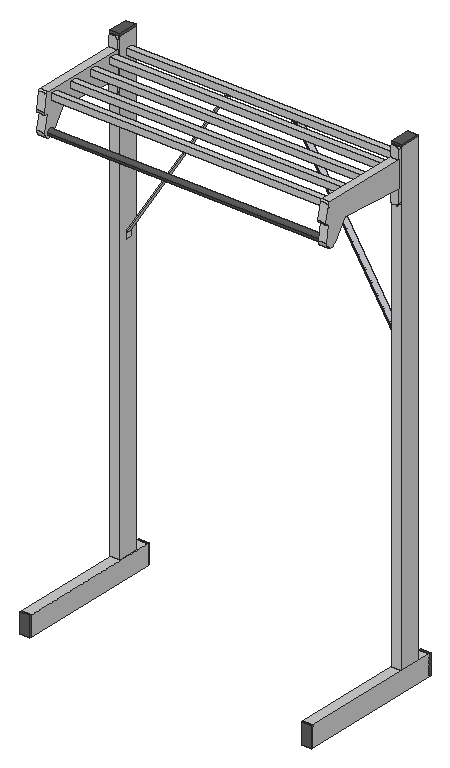
Revit family "Magnuson-DS-Coat_Rack-", category Furniture, Revit 2014
Parameters (values of type "3D-DSF-3H")
  Hanger Rod = MG - Black Plastic
  Cap = MG - Black Plastic
  Frame = MG - Steel, Wrought
  Width = 36"
  URL = "www.magnusongroup.com"
  Type Comments = "DS"  # constant formula
  Shelf = MG - Steel, Wrought
  Salvage or Reuse = yes
  Percentage of Recycled Content = 0
  Model = "3D-DSF-3H"
  Material = ""
  Manufacturer = "MAGNUSON"  # constant formula
  Low Emitting Material = yes
  Low Emitting Finish = yes
  Keynote = "12500"
  Height = 61"
  Description = "36W Steel Floor Rack With Hanger Rod"
  Depth = 18 3/8"
  Assembly Code = "E2020200"
Types (4): name | Width | Description
  (no name) | 36" | "36W Steel Floor Rack With Hanger Rod"
  3D-DSF-3H | 36" | "36W Steel Floor Rack With Hanger Rod"
  3D-DSF-4H | 48" | "48W Steel Floor Rack With Hanger Rod"
  3D-DSF-5H | 60" | "60W Steel Floor Rack With Hanger Rod"
Reference planes (in)
  plane 1 "Center Front/Back": y = 0
  plane 2: z = 0
  plane 3 "Center Left/Right": x = 0
  plane 4: z = 0.32228
  plane 5: x = 18
  plane 6: x = -18
  plane 7: x = -16.75
  plane 8: x = -16.87389
  plane 9: x = -17.87389
  plane 10: x = 16.76511
  plane 11: x = 16.889
  plane 12: x = 17.889
  plane 13: z = 61
  plane 14: z = 59.11383
  plane 15: z = 56.17261
  plane 16: y = 9.1875
  plane 17: y = 8.9375
  plane 18: y = 7.1875
  plane 19: y = 4.6875
  plane 20: y = -8.9375
  plane 21: y = -9.1875
  plane 22: z = 60.75
  plane 23: z = 2.82228
Forms (in)
  Extrusion 1, solid, material "MG - Steel, Wrought" <- "Frame"
    sketch origin (0, 0, 0) x (1, 0, 0) y (0, 1, 0)
      loop
        line (-16.75, 8.9375) -> (-18, 8.9375) -> (-18, -8.9375) -> (-16.75, -8.9375) -> (-16.75, 8.9375)
      loop
        line (16.76511, 8.9375) -> (16.76511, -8.9375) -> (18.01511, -8.9375) -> (18.01511, 8.9375) -> (16.76511, 8.9375)
    from 0.32228 to 2.82228
  Extrusion 2, solid, material "MG - Steel, Wrought" <- "Frame"
    sketch origin (0, 0, 0) x (1, 0, 0) y (0, 0, 1)
      loop
        line (-18, 60.75) -> (-18, 2.82228) -> (-16.75, 2.82228) -> (-16.75, 60.75) -> (-18, 60.75)
      loop
        line (18, 60.75) -> (16.76511, 60.75) -> (16.76511, 2.82228) -> (18, 2.82228) -> (18, 60.75)
    from -7.1875 to -4.6875
  Extrusion 3, solid, material "MG - Steel, Wrought" <- "Shelf"
    sketch origin (0, 0, 0) x (0, 1, 0) y (0, 0, 1)
      loop
        line (4.4375, 59.36854) -> (-6.20797, 59.36854)
        arc (-6.20797, 59.36854) -> (-6.33556, 59.32252) -> (-6.4044, 59.20565) r 0.19989
        line (-6.4044, 59.20565) -> (-6.77119, 57.25854)
        arc (-6.77119, 57.25854) -> (-6.7334, 57.09986) -> (-6.59001, 57.0221) r 0.2
        line (-6.59001, 57.0221) -> (-6.3057, 57.0002) -> (-6.68732, 54.97428)
        arc (-6.68732, 54.97428) -> (-6.25871, 54.30095) -> (-5.5006, 54.55062) r 0.65004
        line (-5.5006, 54.55062) -> (-3.97534, 56.82069) -> (4.4375, 56.17261) -> (4.4375, 59.36854)
    from -17.87389 to -16.87389
  Extrusion 4, solid, material "MG - Steel, Wrought" <- "Shelf"
    sketch origin (0, 0, 0) x (0, 1, 0) y (0, 0, -1)
      loop
        line (4.4375, -59.36854) -> (4.4375, -56.17261) -> (-3.97534, -56.82069) -> (-5.5006, -54.55062)
        arc (-5.5006, -54.55062) -> (-6.25871, -54.30095) -> (-6.68732, -54.97428) r 0.65004
        line (-6.68732, -54.97428) -> (-6.3057, -57.0002) -> (-6.59001, -57.0221)
        arc (-6.59001, -57.0221) -> (-6.7334, -57.09986) -> (-6.77119, -57.25854) r 0.2
        line (-6.77119, -57.25854) -> (-6.4044, -59.20565)
        arc (-6.4044, -59.20565) -> (-6.33556, -59.32252) -> (-6.20797, -59.36854) r 0.19989
        line (-6.20797, -59.36854) -> (4.4375, -59.36854)
    from -17.889 to -16.889
  Extrusion 5, solid, material "MG - Steel, Wrought" <- "Frame"
    sketch origin (0, 0, 0) x (0, 1, 0) y (0, 0, 1)
      loop
        line (3.99055, 59.11383) -> (3.17257, 59.11383) -> (3.17257, 58.36383) -> (3.99055, 58.36383) -> (3.99055, 59.11383)
      loop
        line (0.90555, 59.11383) -> (0.15555, 59.11383) -> (0.15555, 58.36383) -> (0.90555, 58.36383) -> (0.90555, 59.11383)
      loop
        line (-2.11147, 59.11383) -> (-2.86147, 59.11383) -> (-2.86147, 58.36383) -> (-2.11147, 58.36383) -> (-2.11147, 59.11383)
      loop
        line (-5.12849, 59.11383) -> (-5.87849, 59.11383) -> (-5.87849, 58.36383) -> (-5.12849, 58.36383) -> (-5.12849, 59.11383)
    from -16.87389 to 16.889
  Extrusion 6, solid
    sketch origin (0, 0, 0) x (1, 0, 0) y (0, 0, 1)
      loop
        line (-3.80341, 58.36383) -> (-4.4035, 58.36383) -> (-16.75, 38.77327) -> (-16.75, 38.0106) -> (-16.65, 38.0106) -> (-16.65, 38.66928) -> (-4.30098, 58.26383) -> (-3.80341, 58.26383) -> (-3.80341, 58.36383)
      loop
        line (3.81852, 58.36383) -> (3.81852, 58.26383) -> (4.31609, 58.26383) -> (16.66511, 38.66928) -> (16.66511, 38.0106) -> (16.76511, 38.0106) -> (16.76511, 38.77327) -> (4.41861, 58.36383) -> (3.81852, 58.36383)
    from -6.30352 to -5.55352
  Extrusion 7, solid, material "MG - Black Plastic" <- "Cap"
    sketch origin (0, 0, 73) x (1, 0, 0) y (0, 0, 1)
      loop
        line (-18, -12) -> (-18, -12.25) -> (-16.75, -12.25) -> (-16.75, -12) -> (-18, -12)
      loop
        line (18, -12) -> (16.76511, -12) -> (16.76511, -12.25) -> (18, -12.25) -> (18, -12)
    from -7.1875 to -4.6875
  Extrusion 8, solid, material "MG - Steel, Wrought" <- "Frame"
    sketch origin (0, 0, 0) x (1, 0, 0) y (0, 0, 1)
      loop
        line (-17.87389, 60.45435) -> (-17.87389, 54.55067)
        arc (-17.87389, 54.55067) -> (-17.78646, 54.33872) -> (-17.57503, 54.25006) r 0.30061
        line (-17.57503, 54.25006) -> (-17.17503, 54.25006)
        arc (-17.17503, 54.25006) -> (-16.96228, 54.33807) -> (-16.87389, 54.55067) r 0.30114
        line (-16.87389, 54.55067) -> (-16.87389, 60.45435)
        arc (-16.87389, 60.45435) -> (-16.96382, 60.66371) -> (-17.17471, 60.75) r 0.30087
        line (-17.17471, 60.75) -> (-17.57535, 60.75)
        arc (-17.57535, 60.75) -> (-17.78543, 60.66358) -> (-17.87389, 60.45435) r 0.29855
      loop
        arc (17.889, 60.45435) -> (17.80054, 60.66358) -> (17.59046, 60.75) r 0.29855
        line (17.59046, 60.75) -> (17.18982, 60.75)
        arc (17.18982, 60.75) -> (16.97893, 60.66371) -> (16.889, 60.45435) r 0.30087
        line (16.889, 60.45435) -> (16.889, 54.55067)
        arc (16.889, 54.55067) -> (16.97739, 54.33807) -> (17.19014, 54.25006) r 0.30114
        line (17.19014, 54.25006) -> (17.59014, 54.25006)
        arc (17.59014, 54.25006) -> (17.80157, 54.33872) -> (17.889, 54.55067) r 0.30061
        line (17.889, 54.55067) -> (17.889, 60.45435)
    from -4.6875 to -4.4375
  Extrusion 9, solid, material "MG - Steel, Wrought" <- "Frame"
    sketch origin (0, 14.5, 0) x (0, 1, 0) y (0, 0, 1)
      loop
        line (-8.19648, 59.11383) -> (-8.94648, 59.11383) -> (-8.94648, 58.36383) -> (-8.19648, 58.36383) -> (-8.19648, 59.11383)
    from -16.75 to 16.76511
  Extrusion 10, solid, material "MG - Black Plastic" <- "Cap"
    sketch origin (0, 22, 0) x (1, 0, 0) y (0, 1, 0)
      loop
        line (-16.75, -12.8125) -> (-18, -12.8125) -> (-18, -13.0625) -> (-16.75, -13.0625) -> (-16.75, -12.8125)
      loop
        line (16.76511, -12.8125) -> (16.76511, -13.0625) -> (18.01511, -13.0625) -> (18.01511, -12.8125) -> (16.76511, -12.8125)
    from 0.32228 to 2.82228
  Extrusion 11, solid, material "MG - Black Plastic" <- "Cap"
    sketch origin (0, -22, 0) x (1, 0, 0) y (0, 1, 0)
      loop
        line (-16.75, 12.8125) -> (-16.75, 13.0625) -> (-18, 13.0625) -> (-18, 12.8125) -> (-16.75, 12.8125)
      loop
        line (16.76511, 12.8125) -> (18.01511, 12.8125) -> (18.01511, 13.0625) -> (16.76511, 13.0625) -> (16.76511, 12.8125)
    from 0.32228 to 2.82228
  Extrusion 12, solid, material "MG - Black Plastic" <- "Hanger Rod"
    sketch origin (0, 0, 0) x (0, 1, 0) y (0, 0, 1)
      loop
        circle (-6.04016, 54.91315) r 0.39489
    from -16.87389 to 16.889
Lines and regions (in)
  symbolic lines
    curve 1: line (-18, 9.1875, 0) -> (-16.75, 9.1875, 0)
    curve 2: line (-18, -9.1875, 0) -> (-18, 9.1875, 0)
    curve 3: line (-16.75, -9.1875, 0) -> (-18, -9.1875, 0)
    curve 4: line (-16.75, 9.1875, 0) -> (-16.75, -9.1875, 0)
    curve 5: line (16.76511, 9.1875, 0) -> (18, 9.1875, 0)
    curve 6: line (16.76511, -9.1875, 0) -> (16.76511, 9.1875, 0)
    curve 7: line (18, -9.1875, 0) -> (16.76511, -9.1875, 0)
    curve 8: line (18, 9.1875, 0) -> (18, -9.1875, 0)
    curve 9: line (16.76511, 6.30352, 0) -> (-16.75, 6.30352, 0)
    curve 10: line (-16.75, 5.55352, 0) -> (16.76511, 5.55352, 0)
    curve 17: line (16.889, -5.12849, 0) -> (-16.87389, -5.12849, 0)
    curve 18: line (-16.87389, -5.87849, 0) -> (16.889, -5.87849, 0)
    curve 19: line (-18, 7.1875, 0) -> (-16.75, 7.1875, 0)
    curve 20: line (-18, 4.6875, 0) -> (-16.75, 4.6875, 0)
    curve 21: line (18, 7.1875, 0) -> (16.76511, 7.1875, 0)
    curve 22: line (18, 4.6875, 0) -> (16.76511, 4.6875, 0)
  symbolic lines, detail levels medium+fine
    curve 11: line (16.889, 3.99055, 0) -> (-16.87389, 3.99055, 0)
    curve 12: line (-16.87389, 3.17257, 0) -> (16.889, 3.17257, 0)
    curve 13: line (16.889, 0.90555, 0) -> (-16.87389, 0.90555, 0)
    curve 14: line (-16.87389, 0.15555, 0) -> (16.889, 0.15555, 0)
    curve 15: line (16.889, -2.11147, 0) -> (-16.87389, -2.11147, 0)
    curve 16: line (-16.87389, -2.86147, 0) -> (16.889, -2.86147, 0)
Dimensions and locks (in)
  "Width": plane 6 to plane 5
  Extrusion 2 to Extrusion 2 to plane 1 "Center Front/Back" = 2 1/2", 4 11/16"
  locked: Extrusion 2 sketch curve to plane 6 at 1.25
  locked: Extrusion 2 sketch curve to plane 5 at 1.23489
  locked: plane 9 to plane 6 at 0.12611
  locked: plane 8 to plane 7 at 0.12389
  locked: plane 7 to plane 6 at 1.25
  locked: plane 11 to plane 10 at 0.12389
  locked: plane 5 to plane 12 at 0.111
  locked: plane 5 to plane 10 at 1.23489
  plane 7 to Extrusion 6 sketch curve to Extrusion 6 sketch curve to Extrusion 6 sketch curve = 12.3465" locked, 0.10252" locked, 0.49757" locked
  Extrusion 4 sketch curve to Extrusion 4 sketch curve = 2.33726"
  plane 15 to Extrusion 6 sketch curve to Extrusion 6 sketch curve to Extrusion 6 sketch curve = 17.39934" locked, 0.104" locked, 0.65867" locked  (x2)
  Extrusion 6 sketch curve to Extrusion 6 sketch curve to Extrusion 6 sketch curve to plane 10 = 0.49757" locked, 0.10252" locked, 12.3465" locked
  locked: plane 19 to Extrusion 3 at 0.25
  Extrusion 3 sketch curve to Extrusion 3 sketch curve to Extrusion 3 sketch curve to Extrusion 3 sketch curve to plane 21 = 2.06482" locked, 0.16781" locked, 0.36668" locked, 2.61285" locked
  plane 14 to Extrusion 3 sketch curve to Extrusion 3 sketch curve = 1.89231" locked, 2.30837" locked
  plane 13 to Extrusion 8 sketch curve to Extrusion 8 sketch curve = 1/4" locked, 6.49994" locked  (x2)
  plane 18 to Extrusion 9 sketch curve to Extrusion 9 sketch curve = 0.88397" locked, 3/4" locked
  locked: plane 14 to Extrusion 9 sketch curve at 0.75
  locked: plane 13 to plane 22 at 0.25
  "Height": plane 13 to level
  equal spacing: Extrusion 5 sketch curve, Extrusion 5 sketch curve, Extrusion 5 sketch curve, Extrusion 5 sketch curve
  locked: plane 19 to Extrusion 5 sketch curve at 0.69695
  locked: Extrusion 5 sketch curve to plane 21 at 3.30901
  "Depth": plane 16 to plane 21
  equal spacing: plane 6, plane 3 "Center Left/Right", plane 5
  plane 23 to plane 4 to level = 2 1/2" locked, 0.32228" locked
  aligned and locked: level to plane 2
  aligned and locked: plane 6 to Extrusion 2 sketch curve
  aligned and locked: Extrusion 2 sketch curve to plane 5
  aligned and locked: Extrusion 2 to plane 7
  aligned and locked: Extrusion 3 to plane 8
  aligned and locked: plane 9 to Extrusion 3
  aligned and locked: Extrusion 2 to plane 6
  aligned and locked: Extrusion 2 to plane 10
  aligned and locked: Extrusion 4 to plane 11
  aligned and locked: plane 12 to Extrusion 4
  aligned and locked: Extrusion 2 to plane 5
  aligned and locked: plane 8 to Extrusion 5
  aligned and locked: plane 11 to Extrusion 5
  aligned and locked: Extrusion 4 sketch curve to Extrusion 3  (x5)
  aligned and locked: plane 9 to Extrusion 8 sketch curve
  aligned and locked: Extrusion 8 sketch curve to plane 8
  aligned and locked: plane 11 to Extrusion 8 sketch curve
  aligned and locked: Extrusion 8 sketch curve to plane 12
  aligned and locked: plane 19 to Extrusion 8
  aligned and locked: Extrusion 8 to Extrusion 3
  aligned and locked: plane 14 to Extrusion 9
  aligned and locked: Extrusion 5 sketch curve to plane 14  (x4)
  aligned and locked: Extrusion 5 sketch curve to Extrusion 5 sketch curve  (x3)
  aligned and locked: Extrusion 5 sketch curve to Extrusion 9
  aligned and locked: plane 7 to Extrusion 9
  aligned and locked: plane 10 to Extrusion 9
  aligned and locked: plane 22 to Extrusion 2  (x2)
  aligned and locked: Extrusion 7 to plane 22  (x2)
  aligned and locked: plane 13 to Extrusion 7
  aligned and locked: plane 13 to Extrusion 7 sketch curve
  aligned and locked: Extrusion 6 to Extrusion 9
  aligned and locked: Extrusion 9 to Extrusion 6
  aligned and locked: Extrusion 10 to plane 17  (x2)
  aligned and locked: plane 16 to Extrusion 10  (x2)
  aligned and locked: Extrusion 1 to plane 4
  aligned and locked: Extrusion 11 to plane 4
  aligned and locked: Extrusion 10 to plane 4
  aligned and locked: Extrusion 1 to plane 20  (x2)
  aligned and locked: plane 17 to Extrusion 1  (x2)
  aligned and locked: Extrusion 2 to plane 23  (x2)
  aligned and locked: plane 18 to Extrusion 2
  aligned and locked: Extrusion 2 to plane 19
  aligned and locked: plane 18 to Extrusion 7
  aligned and locked: Extrusion 7 to plane 19
  aligned and locked: plane 8 to Extrusion 12
  aligned and locked: plane 11 to Extrusion 12
  aligned and locked: plane 23 to Extrusion 1
  aligned and locked: curve 1 to plane 16
  aligned and locked: plane 21 to curve 3
  aligned and locked: plane 6 to curve 2
  aligned and locked: plane 7 to curve 4
  aligned and locked: plane 10 to curve 6
  aligned and locked: curve 5 to plane 16
  aligned and locked: plane 21 to curve 7
  aligned and locked: plane 5 to curve 8
  aligned and locked: curve 9 to Extrusion 9
  aligned and locked: curve 10 to Extrusion 9
  aligned and locked: curve 11 to Extrusion 5
  aligned and locked: curve 12 to Extrusion 5
  aligned and locked: curve 13 to Extrusion 5
  aligned and locked: curve 14 to Extrusion 5
  aligned and locked: curve 15 to Extrusion 5
  aligned and locked: curve 16 to Extrusion 5
  aligned and locked: curve 17 to Extrusion 5
  aligned and locked: curve 18 to Extrusion 5
  aligned and locked: curve 19 to Extrusion 2
  aligned and locked: curve 20 to Extrusion 2
  aligned and locked: curve 21 to Extrusion 2
  aligned and locked: curve 22 to Extrusion 2
Automatic sketch dimensions
  Extrusion 1 sketch curve to plane 6 = 0"
  Extrusion 1 sketch curve to plane 7 = 0"
  Extrusion 1 sketch curve to plane 10 = 0"
  Extrusion 1 sketch curve to plane 17 = 0"  (x2)
  Extrusion 1 sketch curve to plane 20 = 0"
  plane 20 to Extrusion 1 sketch curve = 0"
  Extrusion 1 sketch curve to plane 5 = 0.01511"
  plane 23 to Extrusion 2 sketch curve = 0"  (x2)
  Extrusion 2 sketch curve to plane 22 = 0"  (x2)
  Extrusion 3 sketch curve to plane 15 = 0"
  plane 15 to Extrusion 3 sketch curve = 0.84949"
  Extrusion 3 sketch curve to Extrusion 3 sketch curve = 0.01536"
  Extrusion 3 sketch curve to Extrusion 3 sketch curve = 0.64716"
  plane 15 to Extrusion 3 sketch curve = 1 11/128"
  plane 14 to Extrusion 3 sketch curve = 0.09183"
  Extrusion 3 sketch curve to Extrusion 3 sketch curve = 0.19643"
  plane 15 to Extrusion 3 sketch curve = 0.82759"
  Extrusion 3 sketch curve to Extrusion 3 sketch curve = 0.28431"
  Extrusion 3 sketch curve to plane 15 = 1.62199"
  Extrusion 3 sketch curve to Extrusion 3 sketch curve = 0.53956"
  Extrusion 3 sketch curve to plane 19 = 1/4"
  plane 15 to Extrusion 3 sketch curve = 0.64808"
  plane 14 to Extrusion 3 sketch curve = 0.05482"
  Extrusion 4 sketch curve to plane 15 = 0"
  Extrusion 4 sketch curve to Extrusion 4 sketch curve = 0.46549"
  plane 15 to Extrusion 4 sketch curve = 0.84949"
  Extrusion 4 sketch curve to Extrusion 4 sketch curve = 0.19654"
  plane 14 to Extrusion 4 sketch curve = 0.09183"
  Extrusion 4 sketch curve to Extrusion 4 sketch curve = 0.36679"
  plane 14 to Extrusion 4 sketch curve = 0.05482"
  Extrusion 4 sketch curve to Extrusion 4 sketch curve = 0.19643"
  Extrusion 4 sketch curve to plane 15 = 1.62199"
  Extrusion 4 sketch curve to Extrusion 4 sketch curve = 0.23643"
  Extrusion 5 sketch curve to Extrusion 5 sketch curve = 3/4"  (x3)
  Extrusion 5 sketch curve to Extrusion 5 sketch curve = 2.26702"
  plane 7 to Extrusion 6 sketch curve = 0"
  Extrusion 6 sketch curve to plane 10 = 0"
  Extrusion 6 sketch curve to Extrusion 6 sketch curve = 0.1"  (x3)
  Extrusion 6 sketch curve to plane 10 = 0.1"
  Extrusion 6 sketch curve to plane 14 = 0.85"  (x2)
  Extrusion 7 sketch curve to plane 6 = 0"
  plane 7 to Extrusion 7 sketch curve = 0"
  Extrusion 7 sketch curve to plane 10 = 0"
  plane 5 to Extrusion 7 sketch curve = 0"
  Extrusion 7 sketch curve to plane 22 = 0"  (x2)
  plane 13 to Extrusion 7 sketch curve = 0"
  Extrusion 8 sketch curve to plane 9 = 0.29854"
  Extrusion 8 sketch curve to plane 9 = 0.29886"
  Extrusion 8 sketch curve to Extrusion 8 sketch curve = 0.30061"  (x3)
  plane 8 to Extrusion 8 sketch curve = 0.30114"
  plane 8 to Extrusion 8 sketch curve = 0.30082"
  plane 11 to Extrusion 8 sketch curve = 0.30082"
  plane 11 to Extrusion 8 sketch curve = 0.30114"
  Extrusion 8 sketch curve to plane 12 = 0.30061"
  Extrusion 8 sketch curve to plane 12 = 0.29886"
  Extrusion 8 sketch curve to plane 12 = 0.29854"
  Extrusion 8 sketch curve to Extrusion 8 sketch curve = 0.30087"  (x2)
  Extrusion 8 sketch curve to Extrusion 8 sketch curve = 0.29855"  (x2)
  Extrusion 9 sketch curve to plane 14 = 0"
  Extrusion 10 sketch curve to plane 6 = 0"
  Extrusion 10 sketch curve to plane 7 = 0"
  Extrusion 10 sketch curve to plane 10 = 0"
  Extrusion 10 sketch curve to plane 16 = 0"  (x2)
  Extrusion 10 sketch curve to plane 17 = 0"  (x2)
  Extrusion 10 sketch curve to plane 5 = 0.01511"
  Extrusion 11 sketch curve to plane 6 = 0"
  Extrusion 11 sketch curve to plane 7 = 0"
  Extrusion 11 sketch curve to plane 10 = 0"
  Extrusion 11 sketch curve to plane 20 = 0"  (x2)
  Extrusion 11 sketch curve to plane 21 = 0"  (x2)
  plane 5 to Extrusion 11 sketch curve = 0.01511"
  Extrusion 12 sketch curve to plane 15 = 1.25946"
  plane 20 to Extrusion 12 sketch curve = 2.89734"
  curve 18 to plane 8 = 0"
  curve 17 to plane 8 = 0"
  curve 16 to plane 8 = 0"
  curve 15 to plane 8 = 0"
  curve 14 to plane 8 = 0"
  curve 13 to plane 8 = 0"
  curve 12 to plane 8 = 0"
  curve 11 to plane 8 = 0"
  curve 12 to plane 11 = 0"
  curve 16 to plane 11 = 0"
  curve 17 to plane 11 = 0"
  curve 14 to plane 11 = 0"
  curve 13 to plane 11 = 0"
  curve 18 to plane 11 = 0"
  curve 15 to plane 11 = 0"
  curve 11 to plane 11 = 0"
  radius of Extrusion 12 sketch curve = 0.39489"
